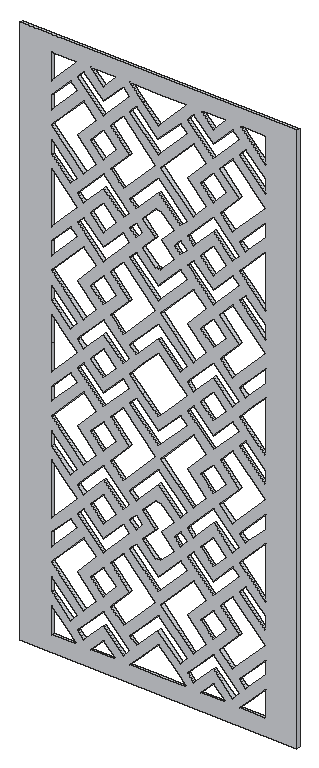
Revit family "Patchwork", category Generic Models, Revit 2016
Family settings
  Part Type = Normal
  Can host rebar = No
  Round Connector Dimension = Use Diameter
  Work Plane-Based = Yes
  Always vertical = No
  Cut with Voids When Loaded = No
  Shared = No
  Room Calculation Point = No
Parameters
  Default Elevation = 4' - 0"
Reference planes (in)
  plane 1 "Center (Front/Back)": y = 0
  plane 2: z = 0
  plane 3 "Center (Left/Right)": x = 0
Forms (in)
  Extrusion 1, solid
    sketch origin (384, 0, 0) x (1, 0, 0) y (0, 0, 1)
      loop
        line (-336, 96) -> (-384, 96) -> (-384, 0) -> (-336, 0) -> (-336, 96)
      loop
        line (-374.03774, 93.28302) -> (-378.56604, 93.28302) -> (-378.56604, 88.75472) -> (-376.30189, 91.01887) -> (-374.03774, 93.28302)
      loop
        line (-371.77358, 93.28302) -> (-369.50943, 91.01887) -> (-367.24528, 93.28302) -> (-371.77358, 93.28302)
      loop
        line (-366.11321, 92.15094) -> (-369.50943, 88.75472) -> (-372.90566, 92.15094) -> (-374.03774, 91.01887) -> (-369.50943, 86.49057) -> (-364.98113, 91.01887) -> (-366.11321, 92.15094)
      loop
        line (-374.03774, 88.75472) -> (-375.16981, 89.88679) -> (-378.56604, 86.54907) -> (-378.56604, 84.24019) -> (-374.03774, 88.75472)
      loop
        line (-372.90566, 87.62264) -> (-378.56604, 81.96226) -> (-372.90566, 76.30189) -> (-370.6991, 78.50845) -> (-374.09532, 81.90468) -> (-370.64151, 85.35849) -> (-372.90566, 87.62264)
      loop
        line (-371.77358, 81.96226) -> (-369.50943, 79.69811) -> (-367.24528, 81.96226) -> (-369.50943, 84.22642) -> (-371.77358, 81.96226)
      loop
        line (-368.37736, 78.56604) -> (-366.11321, 76.30189) -> (-360.45283, 81.96226) -> (-366.11321, 87.62264) -> (-368.37736, 85.35849) -> (-364.98113, 81.96226) -> (-368.37736, 78.56604)
      loop
        line (-364.98113, 88.75472) -> (-360, 83.78736) -> (-355.01887, 88.75472) -> (-356.13615, 89.90087) -> (-360.06436, 86.16061) -> (-363.84906, 89.91605) -> (-364.98113, 88.75472)
      loop
        line (-360, 88.30189) -> (-357.28302, 91.01887) -> (-355.01887, 93.28302) -> (-360, 93.28302) -> (-364.98113, 93.28302) -> (-362.71698, 91.01887) -> (-360, 88.30189)
      loop
        line (-364.98113, 75.16981) -> (-363.84906, 74.00848) -> (-360, 77.82825) -> (-356.15094, 74.00848) -> (-355.01887, 75.16981) -> (-360, 80.13717) -> (-364.98113, 75.16981)
      loop
        line (-360, 75.16981) -> (-360.45283, 75.16981) -> (-362.72677, 72.89587) -> (-360.46758, 70.65614) -> (-362.72188, 68.38226) -> (-360.45283, 66.11321) -> (-360, 66.11321) -> (-359.54717, 66.11321) -> (-357.27812, 68.38226) -> (-359.53242, 70.65614) -> (-357.27323, 72.89587) -> (-359.54717, 75.16981) -> (-360, 75.16981)
      loop
        line (-378.56604, 79.68434) -> (-378.56604, 77.37545) -> (-375.16981, 74.03774) -> (-374.03774, 75.16981) -> (-378.56604, 79.68434)
      loop
        line (-369.50943, 77.43396) -> (-374.03774, 72.90566) -> (-372.90566, 71.77358) -> (-369.50943, 75.16981) -> (-366.11321, 71.77358) -> (-364.98113, 72.90566) -> (-369.50943, 77.43396)
      loop
        line (-363.84906, 71.77358) -> (-364.98113, 70.64151) -> (-363.84906, 69.50943) -> (-362.71698, 70.64151) -> (-363.84906, 71.77358)
      loop
        line (-369.50943, 68.37736) -> (-367.24528, 70.64151) -> (-369.50943, 72.90566) -> (-371.77358, 70.64151) -> (-369.50943, 68.37736)
      loop
        line (-376.30189, 68.37736) -> (-374.03774, 70.64151) -> (-376.30189, 72.90566) -> (-378.56604, 75.16981) -> (-378.56604, 66.11321) -> (-376.30189, 68.37736)
      loop
        line (-374.03774, 68.37736) -> (-369.50943, 63.84906) -> (-364.98113, 68.37736) -> (-366.11321, 69.50943) -> (-369.50943, 66.11321) -> (-372.90566, 69.50943) -> (-374.03774, 68.37736)
      loop
        line (-363.83437, 67.25997) -> (-364.98113, 66.11321) -> (-360, 61.14585) -> (-355.01887, 66.11321) -> (-356.16563, 67.25997) -> (-360, 63.45863) -> (-363.83437, 67.25997)
      loop
        line (-366.11321, 64.98113) -> (-368.37736, 62.71698) -> (-364.98113, 59.32075) -> (-368.37736, 55.92453) -> (-366.11321, 53.66038) -> (-360.45283, 59.32075) -> (-366.11321, 64.98113)
      loop
        line (-367.24528, 59.32075) -> (-369.50943, 61.58491) -> (-371.77358, 59.32075) -> (-369.50943, 57.0566) -> (-367.24528, 59.32075)
      loop
        line (-370.64151, 62.71698) -> (-372.90566, 64.98113) -> (-378.56604, 59.32075) -> (-372.90566, 53.66038) -> (-370.6991, 55.86694) -> (-374.09532, 59.26317) -> (-370.64151, 62.71698)
      loop
        line (-378.56604, 61.59868) -> (-374.03774, 66.11321) -> (-375.16981, 67.24528) -> (-378.56604, 63.90756) -> (-378.56604, 61.59868)
      loop
        line (-375.16981, 51.39623) -> (-374.03774, 52.5283) -> (-378.56604, 57.04283) -> (-378.56604, 54.73395) -> (-375.16981, 51.39623)
      loop
        line (-369.50943, 54.79245) -> (-374.03774, 50.26415) -> (-372.90566, 49.13208) -> (-369.50943, 52.5283) -> (-366.11321, 49.13208) -> (-364.98113, 50.26415) -> (-369.50943, 54.79245)
      loop
        line (-360, 55.18287) -> (-356.15094, 51.36697) -> (-355.01887, 52.5283) -> (-360, 57.49566) -> (-364.98113, 52.5283) -> (-363.84906, 51.36697) -> (-360, 55.18287)
      loop
        line (-364.98113, 48) -> (-362.71698, 45.73585) -> (-360, 43.01887) -> (-357.28302, 45.73585) -> (-355.01887, 48) -> (-357.28302, 50.26415) -> (-360, 52.98113) -> (-362.71698, 50.26415) -> (-364.98113, 48)
      loop
        line (-369.50943, 50.26415) -> (-371.77358, 48) -> (-369.50943, 45.73585) -> (-367.24528, 48) -> (-369.50943, 50.26415)
      loop
        line (-376.30189, 50.26415) -> (-378.56604, 52.5283) -> (-378.56604, 48) -> (-378.56604, 43.4717) -> (-376.30189, 45.73585) -> (-374.03774, 48) -> (-376.30189, 50.26415)
      loop
        line (-345.96226, 93.28302) -> (-343.69811, 91.01887) -> (-341.43396, 88.75472) -> (-341.43396, 93.28302) -> (-345.96226, 93.28302)
      loop
        line (-348.22642, 93.28302) -> (-352.75472, 93.28302) -> (-350.49057, 91.01887) -> (-348.22642, 93.28302)
      loop
        line (-353.88679, 92.15094) -> (-355.01887, 91.01887) -> (-350.49057, 86.49057) -> (-345.96226, 91.01887) -> (-347.09434, 92.15094) -> (-350.49057, 88.75472) -> (-353.88679, 92.15094)
      loop
        line (-345.96226, 88.75472) -> (-341.43396, 84.24019) -> (-341.43396, 86.54907) -> (-344.83019, 89.88679) -> (-345.96226, 88.75472)
      loop
        line (-347.09434, 87.62264) -> (-349.35849, 85.35849) -> (-345.90468, 81.90468) -> (-349.3009, 78.50845) -> (-347.09434, 76.30189) -> (-341.43396, 81.96226) -> (-347.09434, 87.62264)
      loop
        line (-348.22642, 81.96226) -> (-350.49057, 84.22642) -> (-352.75472, 81.96226) -> (-350.49057, 79.69811) -> (-348.22642, 81.96226)
      loop
        line (-351.62264, 78.56604) -> (-355.01887, 81.96226) -> (-351.62264, 85.35849) -> (-353.88679, 87.62264) -> (-359.54717, 81.96226) -> (-353.88679, 76.30189) -> (-351.62264, 78.56604)
      loop
        line (-341.43396, 79.68434) -> (-345.96226, 75.16981) -> (-344.83019, 74.03774) -> (-341.43396, 77.37545) -> (-341.43396, 79.68434)
      loop
        line (-350.49057, 77.43396) -> (-355.01887, 72.90566) -> (-353.88679, 71.77358) -> (-350.49057, 75.16981) -> (-347.09434, 71.77358) -> (-345.96226, 72.90566) -> (-350.49057, 77.43396)
      loop
        line (-356.15094, 71.77358) -> (-357.28302, 70.64151) -> (-356.15094, 69.50943) -> (-355.01887, 70.64151) -> (-356.15094, 71.77358)
      loop
        line (-350.49057, 68.37736) -> (-348.22642, 70.64151) -> (-350.49057, 72.90566) -> (-352.75472, 70.64151) -> (-350.49057, 68.37736)
      loop
        line (-343.69811, 68.37736) -> (-341.43396, 66.11321) -> (-341.43396, 75.16981) -> (-343.69811, 72.90566) -> (-345.96226, 70.64151) -> (-343.69811, 68.37736)
      loop
        line (-345.96226, 68.37736) -> (-347.09434, 69.50943) -> (-350.49057, 66.11321) -> (-353.88679, 69.50943) -> (-355.01887, 68.37736) -> (-350.49057, 63.84906) -> (-345.96226, 68.37736)
      loop
        line (-353.88679, 64.98113) -> (-359.54717, 59.32075) -> (-353.88679, 53.66038) -> (-351.62264, 55.92453) -> (-355.01887, 59.32075) -> (-351.62264, 62.71698) -> (-353.88679, 64.98113)
      loop
        line (-352.75472, 59.32075) -> (-350.49057, 57.0566) -> (-348.22642, 59.32075) -> (-350.49057, 61.58491) -> (-352.75472, 59.32075)
      loop
        line (-349.35849, 62.71698) -> (-345.90468, 59.26317) -> (-349.3009, 55.86694) -> (-347.09434, 53.66038) -> (-341.43396, 59.32075) -> (-347.09434, 64.98113) -> (-349.35849, 62.71698)
      loop
        line (-341.43396, 61.59868) -> (-341.43396, 63.90756) -> (-344.83019, 67.24528) -> (-345.96226, 66.11321) -> (-341.43396, 61.59868)
      loop
        line (-344.83019, 51.39623) -> (-341.43396, 54.73395) -> (-341.43396, 57.04283) -> (-345.96226, 52.5283) -> (-344.83019, 51.39623)
      loop
        line (-350.49057, 54.79245) -> (-355.01887, 50.26415) -> (-353.88679, 49.13208) -> (-350.49057, 52.5283) -> (-347.09434, 49.13208) -> (-345.96226, 50.26415) -> (-350.49057, 54.79245)
      loop
        line (-350.49057, 50.26415) -> (-352.75472, 48) -> (-350.49057, 45.73585) -> (-348.22642, 48) -> (-350.49057, 50.26415)
      loop
        line (-343.69811, 50.26415) -> (-345.96226, 48) -> (-343.69811, 45.73585) -> (-341.43396, 43.4717) -> (-341.43396, 48) -> (-341.43396, 52.5283) -> (-343.69811, 50.26415)
      loop
        line (-374.03774, 2.71698) -> (-376.30189, 4.98113) -> (-378.56604, 7.24528) -> (-378.56604, 2.71698) -> (-374.03774, 2.71698)
      loop
        line (-371.77358, 2.71698) -> (-367.24528, 2.71698) -> (-369.50943, 4.98113) -> (-371.77358, 2.71698)
      loop
        line (-366.11321, 3.84906) -> (-364.98113, 4.98113) -> (-369.50943, 9.50943) -> (-374.03774, 4.98113) -> (-372.90566, 3.84906) -> (-369.50943, 7.24528) -> (-366.11321, 3.84906)
      loop
        line (-374.03774, 7.24528) -> (-378.56604, 11.75981) -> (-378.56604, 9.45093) -> (-375.16981, 6.11321) -> (-374.03774, 7.24528)
      loop
        line (-372.90566, 8.37736) -> (-370.64151, 10.64151) -> (-374.09532, 14.09532) -> (-370.6991, 17.49155) -> (-372.90566, 19.69811) -> (-378.56604, 14.03774) -> (-372.90566, 8.37736)
      loop
        line (-371.77358, 14.03774) -> (-369.50943, 11.77358) -> (-367.24528, 14.03774) -> (-369.50943, 16.30189) -> (-371.77358, 14.03774)
      loop
        line (-368.37736, 17.43396) -> (-364.98113, 14.03774) -> (-368.37736, 10.64151) -> (-366.11321, 8.37736) -> (-360.45283, 14.03774) -> (-366.11321, 19.69811) -> (-368.37736, 17.43396)
      loop
        line (-364.98113, 7.24528) -> (-363.84906, 6.08395) -> (-360.06436, 9.83939) -> (-356.13615, 6.09913) -> (-355.01887, 7.24528) -> (-360, 12.21264) -> (-364.98113, 7.24528)
      loop
        line (-360, 7.69811) -> (-362.71698, 4.98113) -> (-364.98113, 2.71698) -> (-360, 2.71698) -> (-355.01887, 2.71698) -> (-357.28302, 4.98113) -> (-360, 7.69811)
      loop
        line (-364.98113, 20.83019) -> (-360, 15.86283) -> (-355.01887, 20.83019) -> (-356.15094, 21.99152) -> (-360, 18.17175) -> (-363.84906, 21.99152) -> (-364.98113, 20.83019)
      loop
        line (-360, 20.83019) -> (-359.54717, 20.83019) -> (-357.27323, 23.10413) -> (-359.53242, 25.34386) -> (-357.27812, 27.61774) -> (-359.54717, 29.88679) -> (-360, 29.88679) -> (-360.45283, 29.88679) -> (-362.72188, 27.61774) -> (-360.46758, 25.34386) -> (-362.72677, 23.10413) -> (-360.45283, 20.83019) -> (-360, 20.83019)
      loop
        line (-378.56604, 16.31566) -> (-374.03774, 20.83019) -> (-375.16981, 21.96226) -> (-378.56604, 18.62455) -> (-378.56604, 16.31566)
      loop
        line (-369.50943, 18.56604) -> (-364.98113, 23.09434) -> (-366.11321, 24.22642) -> (-369.50943, 20.83019) -> (-372.90566, 24.22642) -> (-374.03774, 23.09434) -> (-369.50943, 18.56604)
      loop
        line (-363.84906, 24.22642) -> (-362.71698, 25.35849) -> (-363.84906, 26.49057) -> (-364.98113, 25.35849) -> (-363.84906, 24.22642)
      loop
        line (-369.50943, 27.62264) -> (-371.77358, 25.35849) -> (-369.50943, 23.09434) -> (-367.24528, 25.35849) -> (-369.50943, 27.62264)
      loop
        line (-376.30189, 27.62264) -> (-378.56604, 29.88679) -> (-378.56604, 20.83019) -> (-376.30189, 23.09434) -> (-374.03774, 25.35849) -> (-376.30189, 27.62264)
      loop
        line (-374.03774, 27.62264) -> (-372.90566, 26.49057) -> (-369.50943, 29.88679) -> (-366.11321, 26.49057) -> (-364.98113, 27.62264) -> (-369.50943, 32.15094) -> (-374.03774, 27.62264)
      loop
        line (-363.83437, 28.74003) -> (-360, 32.54137) -> (-356.16563, 28.74003) -> (-355.01887, 29.88679) -> (-360, 34.85415) -> (-364.98113, 29.88679) -> (-363.83437, 28.74003)
      loop
        line (-366.11321, 31.01887) -> (-360.45283, 36.67925) -> (-366.11321, 42.33962) -> (-368.37736, 40.07547) -> (-364.98113, 36.67925) -> (-368.37736, 33.28302) -> (-366.11321, 31.01887)
      loop
        line (-367.24528, 36.67925) -> (-369.50943, 38.9434) -> (-371.77358, 36.67925) -> (-369.50943, 34.41509) -> (-367.24528, 36.67925)
      loop
        line (-370.64151, 33.28302) -> (-374.09532, 36.73683) -> (-370.6991, 40.13306) -> (-372.90566, 42.33962) -> (-378.56604, 36.67925) -> (-372.90566, 31.01887) -> (-370.64151, 33.28302)
      loop
        line (-378.56604, 34.40132) -> (-378.56604, 32.09244) -> (-375.16981, 28.75472) -> (-374.03774, 29.88679) -> (-378.56604, 34.40132)
      loop
        line (-375.16981, 44.60377) -> (-378.56604, 41.26605) -> (-378.56604, 38.95717) -> (-374.03774, 43.4717) -> (-375.16981, 44.60377)
      loop
        line (-369.50943, 41.20755) -> (-364.98113, 45.73585) -> (-366.11321, 46.86792) -> (-369.50943, 43.4717) -> (-372.90566, 46.86792) -> (-374.03774, 45.73585) -> (-369.50943, 41.20755)
      loop
        line (-360, 40.81713) -> (-363.84906, 44.63303) -> (-364.98113, 43.4717) -> (-360, 38.50434) -> (-355.01887, 43.4717) -> (-356.15094, 44.63303) -> (-360, 40.81713)
      loop
        line (-345.96226, 2.71698) -> (-341.43396, 2.71698) -> (-341.43396, 7.24528) -> (-343.69811, 4.98113) -> (-345.96226, 2.71698)
      loop
        line (-348.22642, 2.71698) -> (-350.49057, 4.98113) -> (-352.75472, 2.71698) -> (-348.22642, 2.71698)
      loop
        line (-353.88679, 3.84906) -> (-350.49057, 7.24528) -> (-347.09434, 3.84906) -> (-345.96226, 4.98113) -> (-350.49057, 9.50943) -> (-355.01887, 4.98113) -> (-353.88679, 3.84906)
      loop
        line (-345.96226, 7.24528) -> (-344.83019, 6.11321) -> (-341.43396, 9.45093) -> (-341.43396, 11.75981) -> (-345.96226, 7.24528)
      loop
        line (-347.09434, 8.37736) -> (-341.43396, 14.03774) -> (-347.09434, 19.69811) -> (-349.3009, 17.49155) -> (-345.90468, 14.09532) -> (-349.35849, 10.64151) -> (-347.09434, 8.37736)
      loop
        line (-348.22642, 14.03774) -> (-350.49057, 16.30189) -> (-352.75472, 14.03774) -> (-350.49057, 11.77358) -> (-348.22642, 14.03774)
      loop
        line (-351.62264, 17.43396) -> (-353.88679, 19.69811) -> (-359.54717, 14.03774) -> (-353.88679, 8.37736) -> (-351.62264, 10.64151) -> (-355.01887, 14.03774) -> (-351.62264, 17.43396)
      loop
        line (-341.43396, 16.31566) -> (-341.43396, 18.62455) -> (-344.83019, 21.96226) -> (-345.96226, 20.83019) -> (-341.43396, 16.31566)
      loop
        line (-350.49057, 18.56604) -> (-345.96226, 23.09434) -> (-347.09434, 24.22642) -> (-350.49057, 20.83019) -> (-353.88679, 24.22642) -> (-355.01887, 23.09434) -> (-350.49057, 18.56604)
      loop
        line (-356.15094, 24.22642) -> (-355.01887, 25.35849) -> (-356.15094, 26.49057) -> (-357.28302, 25.35849) -> (-356.15094, 24.22642)
      loop
        line (-350.49057, 27.62264) -> (-352.75472, 25.35849) -> (-350.49057, 23.09434) -> (-348.22642, 25.35849) -> (-350.49057, 27.62264)
      loop
        line (-343.69811, 27.62264) -> (-345.96226, 25.35849) -> (-343.69811, 23.09434) -> (-341.43396, 20.83019) -> (-341.43396, 29.88679) -> (-343.69811, 27.62264)
      loop
        line (-345.96226, 27.62264) -> (-350.49057, 32.15094) -> (-355.01887, 27.62264) -> (-353.88679, 26.49057) -> (-350.49057, 29.88679) -> (-347.09434, 26.49057) -> (-345.96226, 27.62264)
      loop
        line (-353.88679, 31.01887) -> (-351.62264, 33.28302) -> (-355.01887, 36.67925) -> (-351.62264, 40.07547) -> (-353.88679, 42.33962) -> (-359.54717, 36.67925) -> (-353.88679, 31.01887)
      loop
        line (-352.75472, 36.67925) -> (-350.49057, 34.41509) -> (-348.22642, 36.67925) -> (-350.49057, 38.9434) -> (-352.75472, 36.67925)
      loop
        line (-349.35849, 33.28302) -> (-347.09434, 31.01887) -> (-341.43396, 36.67925) -> (-347.09434, 42.33962) -> (-349.3009, 40.13306) -> (-345.90468, 36.73683) -> (-349.35849, 33.28302)
      loop
        line (-341.43396, 34.40132) -> (-345.96226, 29.88679) -> (-344.83019, 28.75472) -> (-341.43396, 32.09244) -> (-341.43396, 34.40132)
      loop
        line (-344.83019, 44.60377) -> (-345.96226, 43.4717) -> (-341.43396, 38.95717) -> (-341.43396, 41.26605) -> (-344.83019, 44.60377)
      loop
        line (-350.49057, 41.20755) -> (-345.96226, 45.73585) -> (-347.09434, 46.86792) -> (-350.49057, 43.4717) -> (-353.88679, 46.86792) -> (-355.01887, 45.73585) -> (-350.49057, 41.20755)
    from 0 to 0.5
Dimensions and locks (in)
  aligned and locked: plane 2 to level
